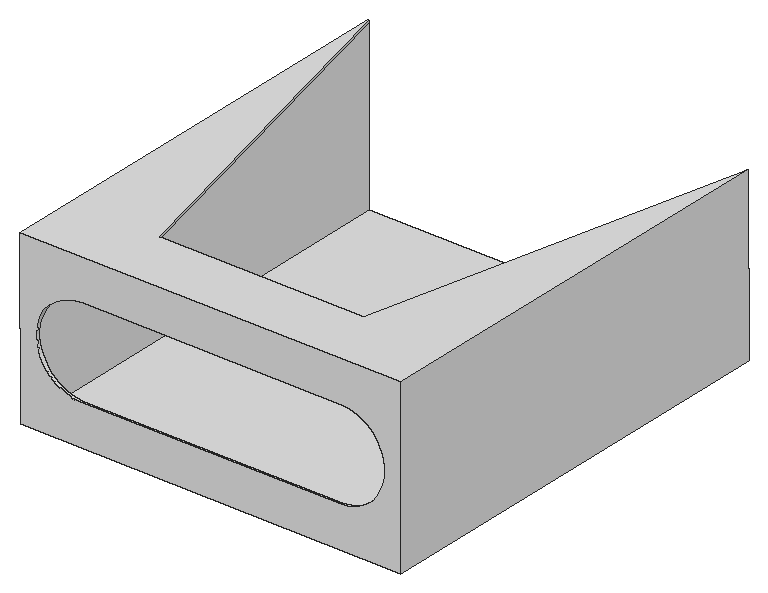
Revit family "PROOX Behind-the-mirror paper towel dispenser EN", category Furniture, host Face, Revit 2014
Parameters (values of type "ZERO")
  Offset [instance] = 0 mm
  URL = "http://www.proox.com/"
  Type Comments = "ZERO"
  Product webpage [instance] = "http://www.proox.com/EN/design-series/zero-behind-the-mirror/"
  Product data sheet = "http://www.proox.com/fileadmin/dam/Download/Produktdatenbl%C3%A4tter/english/productspecifaction_ZE-111.pdf"
  Model = "ZE-111"
  Material = PROOX stainless steel satin finish
  Manufacturer = "PROOX Ltd."  # constant formula
  Keynote = ""
  EAN-No. = "9120050351318"
  Description = "Behind-the-mirror fitted paper towel dispenser"
  Default Elevation = 0 mm
  Cost = 135
  BIM objects producer = "www.BIMtelligent.eu"  # constant formula
  Specification = "Paper towel dispenser in stainless steel with Teflon® coating for behind-the-mirror fitting. The dispenser is designed with 2 paper brakes and fully formed withdrawal lip for extremely easy sheet by sheet removal. Capacity approx. 300 - 400 towels. Suitable for paper towels with a length of approx. 215-250mm and a folded width of approx. 95-120 mm. The dispenser can be attached directly to the wall or to the lift module ZE-117"
Reference planes
  plane 1 "Center (Front/Back)": y = 0
  plane 2: z = 0
  plane 3 "Center (Left/Right)": x = 0
  plane 4: x = -129
  plane 5: x = 129
  plane 6 "Aussen": z = 116
  plane 7 "Versatz": z = 0
  plane 8: y = 294
Forms (mm)
  Extrusion 1, solid, material "PROOX stainless steel satin finish" <- "Material", detail levels coarse
    sketch origin (0, 0, 0) x (1, 0, 0) y (0, 0, 1)
      loop
        line (-129, 0) -> (129, 0) -> (129, 116) -> (-129, 116) -> (-129, 0)
    from -294 to 0
  Extrusion 2, solid, material "PROOX stainless steel satin finish" <- "Material", detail levels medium+fine
    sketch origin (0, 0, 0) x (1, 0, 0) y (0, 0, 1)
      loop
        line (129, 116) -> (-129, 116) -> (-129, 0) -> (129, 0) -> (129, 116)
    from -294 to 0
  Extrusion 3, void
    sketch origin (0, 0, 0) x (1, 0, 0) y (0, 0, 1)
      loop
        line (127.8, 1.2) -> (127.8, 114.8) -> (-127.8, 114.8) -> (-127.8, 1.2) -> (127.8, 1.2)
    from -294 to -2
  Extrusion 4, void
    sketch origin (0, 0, 116) x (0, -1, 0) y (1, 0, 0)
      loop
        line (-43, -69) -> (-43, 69) -> (-294, 129) -> (-294, -127.8) -> (-43, -69)
    from -3 to 0
  Extrusion 5, void
    sketch origin (0, 0, 0) x (1, 0, 0) y (0, 0, 1)
      loop
        arc (-87.5, 88.5) -> (-118, 58) -> (-87.5, 27.5) r 30.5
        line (-87.5, 27.5) -> (87.5, 27.5)
        arc (87.5, 27.5) -> (118, 58) -> (87.5, 88.5) r 30.5
        line (87.5, 88.5) -> (-87.5, 88.5)
    from 0 to -3
Cuts and joins
  Extrusion 3, Extrusion 4, Extrusion 5 cuts Extrusion 2
Dimensions and locks
  equal spacing: plane 4, plane 3 "Center (Left/Right)", plane 5
  locked: plane 4 to plane 5 at 258
  locked: plane 7 "Versatz" to plane 6 "Aussen" at 116
  locked: plane 1 "Center (Front/Back)" to plane 8 at 294
  plane 1 "Center (Front/Back)" to Extrusion 4 sketch curve = 43 mm
  "Offset": plane 7 "Versatz" to plane 2
  locked: plane 6 "Aussen" to cut or joined group of Extrusion 2, Extrusion 3, Extrusion 4, Extrusion 5 at 27.5
  locked: cut or joined group of Extrusion 2, Extrusion 3, Extrusion 4, Extrusion 5 to plane 7 "Versatz" at 27.5
  radius of Extrusion 5 sketch curve = 30.5 mm  (x2)
  aligned and locked: plane 2 to host face
  aligned and locked: level to host face
  aligned and locked: Extrusion 1 sketch curve to plane 6 "Aussen"
  aligned and locked: plane 7 "Versatz" to Extrusion 1 sketch curve
  aligned and locked: Extrusion 1 sketch curve to plane 5
  aligned and locked: plane 4 to Extrusion 1 sketch curve
  aligned and locked: plane 1 "Center (Front/Back)" to Extrusion 1
  aligned and locked: plane 6 "Aussen" to Extrusion 2 sketch curve
  aligned and locked: plane 5 to Extrusion 2 sketch curve
  aligned and locked: Extrusion 2 sketch curve to plane 7 "Versatz"
  aligned and locked: Extrusion 2 sketch curve to plane 4
  aligned and locked: cut or joined group of Extrusion 2, Extrusion 3, Extrusion 4, Extrusion 5 to plane 8  (x2)
  aligned and locked: plane 1 "Center (Front/Back)" to cut or joined group of Extrusion 2, Extrusion 3, Extrusion 4, Extrusion 5
  aligned and locked: Extrusion 4 sketch curve to plane 8
  aligned and locked: cut or joined group of Extrusion 2, Extrusion 3, Extrusion 4, Extrusion 5 to Extrusion 4 sketch curve
Automatic sketch dimensions
  host sketch curve to host sketch curve = 2438.4 mm  (x2)
  plane 5 to Extrusion 3 sketch curve = 1.2 mm
  Extrusion 3 sketch curve to plane 7 "Versatz" = 1.2 mm
  plane 6 "Aussen" to Extrusion 3 sketch curve = 1.2 mm
  Extrusion 3 sketch curve to plane 4 = 1.2 mm
  Extrusion 4 sketch curve to plane 5 = 0 mm
  Extrusion 4 sketch curve to plane 4 = 60 mm
  plane 5 to Extrusion 4 sketch curve = 60 mm
  plane 6 "Aussen" to Extrusion 5 sketch curve = 27.5 mm
  Extrusion 5 sketch curve to plane 4 = 41.5 mm
  plane 5 to Extrusion 5 sketch curve = 41.5 mm
